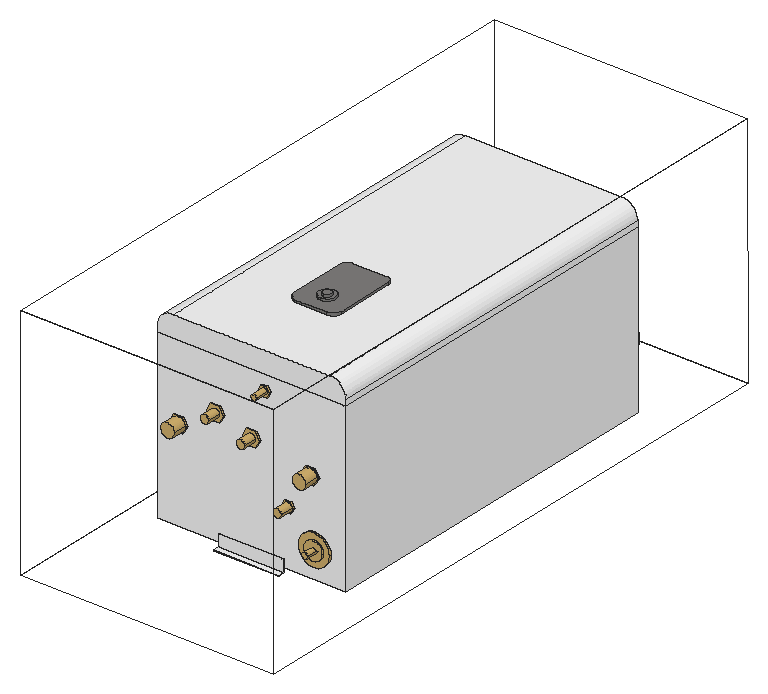
Revit family "Water_Boiler-Navien-NFC-Condensing_Combi-NFC-H", category Mechanical Equipment, host Face, Revit 2019
Family settings
  Host = Face
  Round Connector Dimension = Use Diameter
  Part Type = Normal
  OmniClass Number = 23.65.35.11
  OmniClass Title = Supply Water Heaters
  Cut with Voids When Loaded = No
  Shared = No
  Room Calculation Point = No
Parameters (values of type "NFC-250/175H")
  Width = 17 77/256"  # constant formula
  Wi-Fi Ready = "NaviLink Wi?Fi Control: This add-on accessory enables access to control temperatures remotely, access usage data and receive diagnostic notifications via smartphone or tablet."  # constant formula
  Weight = 141.00 lbf  # constant formula
  Water Pressure = "12–80 psi"  # constant formula
  Warranty Note = "Heat Exchangers: 10 years limited warranty (Residential), 5 years (Commercial) | Parts: 5 years (Residential), 3 years (Commercial)"  # constant formula
  Warranty = "https://www.navieninc.com/warranties"
  Voltage = 120 V
  Version = "2019 - v1.0.a"  # constant formula
  Venting Type = "Forced draft direct vent"  # constant formula
  Venting = "Exhaust: 2 in or 3 in PVC, CPVC, Approved Polypropylene, Stainless Steel, 2 in or 3 in Special Gas Vent Type BH (Class III, A/B/C) | Intake: 2 in or 3 in PVC, CPVC, Polypropylene, Stainless Steel, ABS 2 in or 3 in Special Gas Vent Type BH (Class III, A/B/C) | Vent Clearance: 0 in to combustibles"  # constant formula
  URL = "https://www.navieninc.com"
  Propane Gas Supply Pressure = "8.0\" to 13.5\" WC"  # constant formula
  Propane Gas Manifold Pressure = "-0.02\" to -0.77\" WC"  # constant formula
  Product Page URL = "https://www.navieninc.com/products/nfc-250-175h"
  Product Name = "NFC-H Series Combination Boilers"  # constant formula
  Product Documentation Link = "https://www.navieninc.com/downloads/nfc-h-quickfacts-en"
  Power Factor = 1
  Phase = 1
  Number of Poles = 1
  Natural Gas Supply Pressure = "3.5\" to 10.5\" WC"  # constant formula
  Natural Gas Manifold Pressure = "-0.03\" to -0.92\" WC"  # constant formula
  Model = "NFC-250/175H"
  Material = ""
  Manufacturer Phone Number = "(949) 420-0420"  # constant formula
  Manufacturer Fax Number = "(949) 420-0430"  # constant formula
  Manufacturer Address = "20 Goodyear, Irvine, CA 92618"  # constant formula
  Manufacturer = "Navien, Inc."  # constant formula
  Keynote = "22 33 00.A1"
  Intake = if([2" Exhaust/Intake], 2", 3")  # 2"
  Installation Type = "Indoor Wall-Hung"  # constant formula
  Ignition = "Electronic ignition"  # constant formula
  Hot Water Outlet = 3/4"  # constant formula
  Height = 33 1/2"  # constant formula
  Heating Supply = 1 1/4"  # constant formula
  Heating Return = 1 1/4"  # constant formula
  Heating Capacity Note = "13,300 to 175,000 BTUh"
  Heating Capacity = 175000.0 Btu/h
  Gas Inlet = 3/4"  # constant formula
  Gas Connection Size = 3/4"  # constant formula
  Frequency = 60 Hz
  Flow Rate = 0 GPM
  Finish = Metal - Navien - White
  Exhaust = if([2" Exhaust/Intake], 2", 3")  # 2"
  Description = "NFC-H Condensing Gas Hot Water Combination Boiler"  # constant formula
  Depth = 17 77/256"  # constant formula
  Default Elevation = 48"
  Condensate Outlet = 1/2"  # constant formula
  Cold Water Inlet = 3/4"  # constant formula
  Certifications = "Energy Star | AHRI | CSA | ASME | CSA Blue Star | CSA Blue Flame"  # constant formula
  Auto Feeder Inlet = 1/2"  # constant formula
  3" Exhaust/Intake = not([2" Exhaust/Intake])  # no
  2" Exhaust/Intake = yes
  Copyright = "All contents copyright © Navien Inc."  # constant formula
  Clearance [instance] = yes
  Assembly Code = "D3010500"
  Apparent Load = 0 VA
Types (2): name | Product Page URL | Model | Heating Capacity Note | Heating Capacity
  NFC-250/175H | "https://www.navieninc.com/products/nfc-250-175h" | "NFC-250/175H" | "13,300 to 175,000 BTUh" | 175000.0 Btu/h
  NFC-250/200H | "https://www.navieninc.com/products/nfc-250-200h" | "NFC-250/200H" | "13,300 to 199,900 BTUh" | 199900.0 Btu/h
Reference planes (in)
  plane 1 "Center (Elevation)": y = 0
  plane 2: z = 0
  plane 3 "Reference": x = 0
  plane 4 "Top": y = 22.02539
  plane 5 "Left": x = -10.28125
  plane 6 "Bottom": y = -11.47461
  plane 7 "Right": x = 7.01953
  plane 8: z = 17.70078
  plane 9: y = 24.69539
  plane 10: z = 0.4
  plane 11 "Center (Left/Right)": x = -1.63086
  plane 12 "Condensate Outlet 1": z = 3.0018
  plane 13: y = 5.27539
  plane 14: z = -0.1
  plane 15: z = 5.6
  plane 16: z = 8.9
  plane 17: z = 10.1
  plane 18: z = 11
  plane 19: z = 3
  plane 20: x = 4.31875
  plane 21: x = 3.81875
  plane 22: x = -1.58125
  plane 23: x = -4.88125
  plane 24: x = -8.28125
Forms (in)
  Extrusion 1, solid, material "Metal - Navien - White" <- "Finish", detail levels medium+fine
    sketch origin (0, 0, 0) x (0, 1, 0) y (0, 0, 1)
      loop
        line (-11.4781, 1.12877) -> (-11.52126, 1.12877) -> (-11.52126, 0.04724) -> (-12.09194, 0.04724) -> (-12.09194, 0) -> (-11.4781, 0) -> (-11.4781, 1.12877)
    from -4.58124 to 1.3703
  Extrusion 2, solid, material "Metal - Navien - White" <- "Finish", detail levels medium+fine
    sketch origin (0, 0, 0) x (1, 0, 0) y (0, 0, 1)
      loop
        line (-10.28125, 15.75) -> (7.01953, 15.75) -> (7.01953, 16.2125)
        arc (7.01953, 16.2125) -> (6.58362, 17.26487) -> (5.53125, 17.70078) r 1.48828
        line (5.53125, 17.70078) -> (-8.78125, 17.70078)
        arc (-8.78125, 17.70078) -> (-9.84191, 17.26144) -> (-10.28125, 16.20078) r 1.5
        line (-10.28125, 16.20078) -> (-10.28125, 15.75)
    from -22.02539 to 11.47461
  Extrusion 3, solid, material "Metal - Navien - Brass, Soft Yellow"
    sketch origin (-3.25, 0, 0) x (-1, 0, 0) y (0, 0, -1)
      loop
        circle (4.99187, -12.56948) r 0.375
    from -23.32281 to -22.02539
  Extrusion 4, solid, material "Metal - Navien - Black", detail levels medium+fine
    sketch origin (0, 23.25489, 5.90687) x (0, 1, 0) y (-1, 0, 0)
      loop
        arc (-21.15746, 3.16493) -> (-21.34721, 3.62302) -> (-21.80529, 3.81276) r 0.64783
        line (-21.80529, 3.81276) -> (-27.01433, 3.81276)
        arc (-27.01433, 3.81276) -> (-27.64587, 3.55117) -> (-27.90746, 2.91963) r 0.89314
        line (-27.90746, 2.91963) -> (-27.90746, 0.1692)
        arc (-27.90746, 0.1692) -> (-27.68779, -0.36113) -> (-27.15746, -0.5808) r 0.75
        line (-27.15746, -0.5808) -> (-21.78679, -0.5808)
        arc (-21.78679, -0.5808) -> (-21.34179, -0.39648) -> (-21.15746, 0.04853) r 0.62933
        line (-21.15746, 0.04853) -> (-21.15746, 3.16493)
    from 11.79391 to 12
  Extrusion 5, solid, material "Metal - Navien - Black", detail levels medium+fine
    sketch origin (0, 23.25489, 4.3925) x (0, 1, 0) y (-1, 0, 0)
      loop
        circle (-26.04399, 1.63086) r 0.38018
    from 13.51437 to 13.80828
  Extrusion 6, solid, material "Metal - Navien - Black", detail levels medium+fine
    sketch origin (0, 23.25489, 4.3925) x (0, 1, 0) y (-1, 0, 0)
      loop
        circle (-26.03131, 1.63086) r 0.75
    from 13.30828 to 13.64814
  Extrusion 7, solid, material "Metal - Navien - White" <- "Finish", detail levels medium+fine
    sketch origin (-3.37047, -180, 9.44422) x (0, 0, 1) y (0, -1, 0)
      loop
        line (6.30578, -168.59281) -> (6.25519, -168.59281) -> (6.25519, -168.52539) -> (-9.04422, -168.52539) -> (-9.04422, -202.02539) -> (6.25519, -202.02539) -> (6.25519, -201.9886) -> (6.30578, -201.9886) -> (6.30578, -168.59281)
    from -6.91078 to 10.39
  Extrusion 8, solid, material "Metal - Navien - Brass, Soft Yellow"
    sketch origin (0, 0, 0) x (1, 0, 0) y (0, 0, 1)
      loop
        line (2.33398, 5.6) -> (2.06329, 6.06885) -> (1.52192, 6.06885) -> (1.25123, 5.6) -> (1.52192, 5.13115) -> (2.06329, 5.13115) -> (2.33398, 5.6)
      loop
        line (-4.0949, 11) -> (-4.48807, 11.681) -> (-5.27443, 11.681) -> (-5.6676, 11) -> (-5.27443, 10.319) -> (-4.48807, 10.319) -> (-4.0949, 11)
      loop
        line (-7.4949, 8.9) -> (-7.88807, 9.581) -> (-8.67443, 9.581) -> (-9.0676, 8.9) -> (-8.67443, 8.219) -> (-7.88807, 8.219) -> (-7.4949, 8.9)
      loop
        line (-0.7949, 10.1) -> (-1.18807, 10.781) -> (-1.97443, 10.781) -> (-2.3676, 10.1) -> (-1.97443, 9.419) -> (-1.18807, 9.419) -> (-0.7949, 10.1)
      loop
        line (4.6051, 8.9) -> (4.21193, 9.581) -> (3.42557, 9.581) -> (3.0324, 8.9) -> (3.42557, 8.219) -> (4.21193, 8.219) -> (4.6051, 8.9)
      loop
        line (0.17051, 14.37903) -> (-0.10018, 14.84788) -> (-0.64156, 14.84788) -> (-0.91225, 14.37903) -> (-0.64156, 13.91018) -> (-0.10018, 13.91018) -> (0.17051, 14.37903)
    from 11.47461 to 11.59257
  Extrusion 9, solid, material "Metal - Navien - Brass, Soft Yellow"
    sketch origin (0, 0, 0) x (1, 0, 0) y (0, 0, 1)
      loop
        circle (-8.28125, 8.9) r 0.625
      loop
        circle (-1.58125, 10.1) r 0.375
      loop
        circle (1.79376, 5.6) r 0.375
      loop
        circle (4.31875, 3) r 0.25
      loop
        circle (-4.88125, 11) r 0.375
      loop
        circle (3.81875, 8.9) r 0.625
      loop
        circle (-0.37087, 14.37903) r 0.25
    from 11.47461 to 12.78461
  Extrusion 10, solid, material "Metal - Navien - Brass, Soft Yellow", detail levels medium+fine
    sketch origin (0.1875, 0, -0.0625) x (1, 0, 0) y (0, 0, 1)
      loop
        circle (4.13125, 3.0625) r 1.42959
    from 11.59257 to 11.73334
  Extrusion 11, solid, material "Metal - Navien - Brass, Soft Yellow", detail levels medium+fine
    sketch origin (0.1875, 0, -0.0625) x (1, 0, 0) y (0, 0, 1)
      loop
        circle (4.13125, 3.0625) r 0.83408
    from 11.73334 to 11.841
  Extrusion 12, solid, material "Metal - Navien - Brass, Soft Yellow", detail levels medium+fine
    sketch origin (0, 0, 0) x (1, 0, 0) y (0, 0, 1)
      loop
        arc (-8.70931, 11.36209) -> (-8.24187, 11.46877) -> (-7.77443, 11.36209) r 1.07739
        arc (-7.77443, 11.36209) -> (-6.94715, 12.56948) -> (-7.77443, 13.77688) r 1.29472
        arc (-7.77443, 13.77688) -> (-8.24187, 13.67019) -> (-8.70931, 13.77688) r 1.07739
        arc (-8.70931, 13.77688) -> (-9.53659, 12.56948) -> (-8.70931, 11.36209) r 1.29472
    from -22.02539 to -22.33036
  Extrusion 13, solid, material "Metal - Navien - White" <- "Finish", detail levels coarse
    sketch origin (0, 19.32383, 4.3925) x (0, 1, 0) y (-1, 0, 0)
      loop
        line (2.70156, 10.28125) -> (-30.79844, 10.28125) -> (-30.79844, -7.01953) -> (2.70156, -7.01953) -> (2.70156, 10.28125)
    from -3.9925 to 13.30828
  Extrusion 14, solid, material "Clearances - Navien", visible <- "Clearance"
    sketch origin (0, 19.32383, 4.3925) x (0, 1, 0) y (-1, 0, 0)
      loop
        line (11.70156, 13.28125) -> (-42.79844, 13.28125) -> (-42.79844, -10.01953) -> (11.70156, -10.01953) -> (11.70156, 13.28125)
    from -4.4925 to 17.30828
Cuts and joins
  joined: Extrusion 4, Extrusion 5, Extrusion 6
  joined: Extrusion 8, Extrusion 9
Lines and regions (in)
  Split face 1
    outline origin (0, 23.25489, 17.90687) x (0, 1, 0) y (-1, 0, 0)
      loop
        line (-22.00951, 2.94276) -> (-23.25951, 2.94276) -> (-23.25951, 0.19276) -> (-22.00951, 0.19276) -> (-22.00951, 2.94276)
  Split face 2
    outline origin (-3.16493, 6.02848, 17.90687) x (-1, 0, 0) y (0, -1, 0)
      loop
        line (-0.35049, 6.75) -> (-0.35049, 7.10256) -> (-2.71765, 7.10256) -> (-2.71765, 6.75) -> (-0.35049, 6.75)
  Split face 3
    outline origin (-3.16493, 6.02848, 17.90687) x (-1, 0, 0) y (0, -1, 0)
      loop
        line (-2.90907, 6.0331) -> (-2.90907, 4.7831) -> (-0.15907, 4.7831) -> (-0.15907, 6.0331) -> (-2.90907, 6.0331)
  model lines, style "Clearance", visible <- "Clearance"
    curve 1: line (-13.28125, 31.02539, -0.1) -> (-13.28125, -23.47461, -0.1)
    curve 2: line (-13.28125, -23.47461, -0.1) -> (10.01953, -23.47461, -0.1)
    curve 3: line (10.01953, -23.47461, -0.1) -> (10.01953, 31.02539, -0.1)
    curve 4: line (10.01953, 31.02539, -0.1) -> (-13.28125, 31.02539, -0.1)
    curve 5: line (10.01953, 31.02539, 21.70078) -> (10.01953, -23.47461, 21.70078)
    curve 6: line (10.01953, -23.47461, 21.70078) -> (-13.28125, -23.47461, 21.70078)
    curve 7: line (-13.28125, -23.47461, 21.70078) -> (-13.28125, 31.02539, 21.70078)
    curve 8: line (-13.28125, 31.02539, 21.70078) -> (10.01953, 31.02539, 21.70078)
    curve 9: line (10.01953, 31.02539, 21.70078) -> (10.01953, 31.02539, -0.1)
    curve 10: line (-13.28125, 31.02539, 21.70078) -> (-13.28125, 31.02539, -0.1)
    curve 11: line (10.01953, -23.47461, 21.70078) -> (10.01953, -23.47461, -0.1)
    curve 12: line (-13.28125, -23.47461, 21.70078) -> (-13.28125, -23.47461, -0.1)
  model lines, style "MechanicalEquipment", detail levels medium+fine
    curve 13: arc (-0.63086, -2.7891, 17.90687) -> (-1.63086, -1.7891, 17.90687) -> (-2.63086, -2.7891, 17.90687) r 1
    curve 14: arc (-2.63086, -2.7891, 17.90687) -> (-1.63086, -3.7891, 17.90687) -> (-0.63086, -2.7891, 17.90687) r 1
Dimensions and locks (in)
  plane 5 "Left" to plane 3 "Reference" to plane 7 "Right" = 10 9/32", 7 5/256"
  "Width": plane 5 "Left" to plane 7 "Right"
  "Height": plane 4 "Top" to plane 6 "Bottom"
  "Depth": plane 8 to plane 10
  plane 8 to level = 17.70078"
  locked: plane 9 to plane 4 "Top" at 2.67
  locked: plane 10 to plane 2 at 0.4
  equal spacing: plane 7 "Right", plane 11 "Center (Left/Right)", plane 5 "Left"
  locked: Extrusion 1 to level at 1.12877  (x2)
  locked: Extrusion 1 to level at 0.04724  (x2)
  locked: Extrusion 1 sketch curve to level at 0.04724  (x10)
  locked: Extrusion 1 sketch curve to level at 1.12877  (x10)
  locked: Extrusion 2 to level at 17.70078  (x2)
  locked: Extrusion 2 to level at 15.75  (x2)
  locked: Extrusion 2 sketch curve to level at 15.75  (x10)
  locked: Extrusion 2 sketch curve to level at 16.2125  (x4)
  locked: Extrusion 2 sketch curve to level at 17.70078  (x10)
  locked: Extrusion 2 sketch curve to level at 16.20078  (x4)
  locked: Extrusion 4 sketch curve to level at 5.90687  (x48)
  locked: Extrusion 5 sketch curve to level at 4.3925  (x4)
  locked: Extrusion 6 sketch curve to level at 4.3925  (x4)
  locked: Extrusion 7 to level at 15.75  (x2)
  locked: Extrusion 7 to level at 15.69941  (x4)
  locked: Extrusion 7 to level at 0.4  (x2)
  locked: Extrusion 7 sketch curve to level at 15.75  (x10)
  locked: Extrusion 7 sketch curve to level at 15.69941  (x20)
  locked: Extrusion 7 sketch curve to level at 0.4  (x10)
  plane 6 "Bottom" to Extrusion 1 sketch curve to Extrusion 1 sketch curve to Extrusion 1 sketch curve = 0.00349" locked, 0.04316" locked, 0.57068" locked
  locked: plane 8 to Extrusion 2 sketch curve at 1.95078
  locked: plane 6 "Bottom" to cut or joined group of Extrusion 8, Extrusion 9 at 1.31
  plane 6 "Bottom" to cut or joined group of Extrusion 8, Extrusion 9 to Extrusion 10 to Extrusion 11 = 0.11796" locked, 0.14077" locked, 0.10765" locked
  locked: Extrusion 7 sketch curve to plane 6 "Bottom" at 0.06742
  equal spacing: plane 4 "Top", plane 13, plane 6 "Bottom"
  Extrusion 4 sketch curve to Extrusion 4 sketch curve to Extrusion 4 sketch curve to plane 11 "Center (Left/Right)" to Extrusion 4 sketch curve to Extrusion 4 sketch curve to Extrusion 4 sketch curve = 0.64783" locked, 0.24531" locked, 1.28877" locked, 1.46166" locked, 0.12067" locked, 0.62933" locked
  plane 6 "Bottom" to Extrusion 4 sketch curve to Extrusion 4 sketch curve to Extrusion 4 sketch curve to Extrusion 4 sketch curve to Extrusion 4 sketch curve to Extrusion 4 sketch curve = 6.82204", 3/4" locked, 0.14314" locked, 5.20904" locked, 0.0185" locked, 0.62933" locked
  locked: plane 10 to nested 2 at 4.3
  locked: nested 2 to plane 5 "Left" at 3.8
  locked: Extrusion 13 to plane 14 at 0.5
  locked: Extrusion 14 sketch curve to plane 5 "Left" at 3
  locked: plane 7 "Right" to Extrusion 14 sketch curve at 3
  locked: Extrusion 14 sketch curve to plane 4 "Top" at 9
  locked: Extrusion 14 sketch curve to plane 6 "Bottom" at 12
  locked: plane 11 "Center (Left/Right)" to Extrusion 3 sketch curve at 6.61101
  locked: Extrusion 3 sketch curve to level at 12.56948
  plane 11 "Center (Left/Right)" to Extrusion 12 sketch curve to Extrusion 12 sketch curve to Extrusion 12 sketch curve to Extrusion 12 sketch curve = 6.14357" locked, 0" locked, 0.93488" locked, 0" locked
  Extrusion 12 sketch curve to Extrusion 12 sketch curve to Extrusion 12 sketch curve to Extrusion 12 sketch curve to level = 0" locked, 2.41479" locked, 0" locked, 11.36209" locked
  Extrusion 13 sketch curve to plane 11 "Center (Left/Right)" to Extrusion 13 sketch curve = 8.65039" locked, 8.65039" locked
  Extrusion 13 sketch curve to plane 13 to Extrusion 13 sketch curve = 16 3/4" locked, 16 3/4" locked
  locked: plane 6 "Bottom" to Extrusion 5 sketch curve at 8.68551
  Split face 2 sketch curve to plane 11 "Center (Left/Right)" to Split face 2 sketch curve = 1 47/256" locked, 1 47/256" locked
  plane 6 "Bottom" to Split face 2 sketch curve to Split face 2 sketch curve = 10.40053", 0.35256" locked
  plane 6 "Bottom" to Split face 3 sketch curve to Split face 3 sketch curve = 11.46999", 1 1/4" locked
  Split face 3 sketch curve to plane 11 "Center (Left/Right)" to Split face 3 sketch curve = 1 3/8" locked, 1 3/8" locked
  plane 6 "Bottom" to Extrusion 6 sketch curve = 8.69819"
  Extrusion 3 to Extrusion 12 to Extrusion 12 to plane 4 "Top" = 0.99244" locked, 0.30497" locked, 0" locked
  locked: plane 18 to plane 10 at 10.6
  locked: plane 17 to plane 10 at 9.7
  locked: plane 16 to plane 10 at 8.5
  locked: plane 15 to plane 10 at 5.2
  locked: plane 19 to plane 10 at 2.6
  plane 20 to plane 5 "Left" = 14.6"
  locked: plane 24 to plane 5 "Left" at 2
  locked: plane 23 to plane 24 at 3.4
  locked: plane 22 to plane 23 at 3.3
  locked: plane 21 to plane 22 at 5.4
  Extrusion 8 sketch curve to Extrusion 8 sketch curve to Extrusion 8 sketch curve to Extrusion 8 sketch curve to Extrusion 8 sketch curve to Extrusion 8 sketch curve to level = 3.59118" locked, 0.9" locked, 1.2" locked, 0" locked, 3.08785" locked, 5.13115" locked
  Extrusion 8 sketch curve to Extrusion 8 sketch curve to Extrusion 8 sketch curve to Extrusion 8 sketch curve to Extrusion 8 sketch curve to Extrusion 8 sketch curve to Extrusion 8 sketch curve to plane 11 "Center (Left/Right)" to Extrusion 8 sketch curve to Extrusion 8 sketch curve to Extrusion 8 sketch curve to Extrusion 8 sketch curve to Extrusion 8 sketch curve = 1.5727", 0.69842", 1.08276", 1.08072", 0.96541" locked, 0.11735" locked, 0.71861" locked, 0.73674" locked, 1.7273" locked, 1.5727" locked, 1.8273" locked, 1.5727" locked
  Extrusion 9 sketch curve to Extrusion 9 sketch curve to Extrusion 9 sketch curve to Extrusion 9 sketch curve to Extrusion 9 sketch curve to plane 11 "Center (Left/Right)" to Extrusion 9 sketch curve to Extrusion 9 sketch curve = 1/8" locked, 2.27499", 2.28963", 1.08538" locked, 0.42461" locked, 2.87539" locked, 3.15" locked
  Extrusion 9 sketch curve to Extrusion 9 sketch curve to Extrusion 9 sketch curve to Extrusion 9 sketch curve to Extrusion 9 sketch curve to Extrusion 9 sketch curve to Extrusion 9 sketch curve to level = 3.50403" locked, 0.9" locked, 1.45" locked, 0" locked, 3.05" locked, 2.475" locked, 2 3/4" locked
  locked: Extrusion 10 sketch curve to plane 11 "Center (Left/Right)" at 4.52002
  locked: Extrusion 10 sketch curve to level at 1.57041
  locked: Extrusion 11 sketch curve to level at 2.16592
  locked: plane 10 to nested 1 at 4.1
  Extrusion 13 to nested 1 = 3 205/256"
  Extrusion 13 to nested 2 = 3.8"
  nested 1 to nested 2 = 9.7"
  aligned and locked: plane 2 to host face
  aligned and locked: level to host face
  aligned and locked: plane 4 "Top" to Extrusion 2
  aligned and locked: plane 6 "Bottom" to Extrusion 2
  aligned and locked: Extrusion 3 to plane 4 "Top"
  aligned and locked: Extrusion 4 to plane 8
  aligned and locked: Extrusion 6 to plane 8
  aligned and locked: Extrusion 7 to plane 5 "Left"
  aligned and locked: Extrusion 7 to plane 7 "Right"
  aligned and locked: Extrusion 8 to plane 6 "Bottom"
  aligned and locked: Extrusion 9 to plane 6 "Bottom"
  aligned and locked: Extrusion 2 sketch curve to plane 5 "Left"
  aligned and locked: Extrusion 2 sketch curve to plane 7 "Right"
  aligned and locked: plane 8 to Extrusion 2 sketch curve
  aligned and locked: Extrusion 7 sketch curve to plane 4 "Top"
  aligned and locked: plane 6 "Bottom" to Extrusion 7 sketch curve
  aligned and locked: Extrusion 14 to plane 14
  aligned and locked: plane 11 "Center (Left/Right)" to Extrusion 5 sketch curve
  aligned and locked: plane 11 "Center (Left/Right)" to Extrusion 6 sketch curve
Automatic sketch dimensions
  host sketch curve to host sketch curve = 47 9/32"
  host sketch curve to host sketch curve = 59.02539"
  level to Extrusion 1 sketch curve = 0"
  plane 7 "Right" to Extrusion 2 sketch curve = 1 125/256"
  Extrusion 2 sketch curve to Extrusion 2 sketch curve = 0.45078"
  Split face 1 sketch curve to Extrusion 4 = 0.87"
  Split face 1 sketch curve to Extrusion 4 = 2.10205"
  Split face 1 sketch curve to Extrusion 4 = 0.85205"
  Split face 1 sketch curve to Extrusion 4 = 0.77356"
  Extrusion 7 sketch curve to plane 4 "Top" = 0.03679"
  Extrusion 12 sketch curve to Extrusion 12 sketch curve = 0"  (x2)
  Extrusion 12 sketch curve to Extrusion 12 sketch curve = 2.1781"
  Extrusion 12 sketch curve to Extrusion 12 sketch curve = 0.97071"
  curve 5 to plane 7 "Right" = 3"
  plane 9 to curve 8 = 6.33"
  curve 7 to plane 5 "Left" = 3"
  plane 6 "Bottom" to curve 7 = 12"
  curve 11 to plane 14 = 0"
  curve 12 to plane 14 = 0"
  curve 11 to plane 7 "Right" = 3"
  curve 12 to plane 5 "Left" = 3"
  curve 2 to plane 7 "Right" = 3"
  plane 6 "Bottom" to curve 2 = 12"
  curve 2 to plane 5 "Left" = 3"
  plane 9 to curve 1 = 6.33"
  curve 13 to curve 14 = 0"  (x2)
  curve 14 to Extrusion 4 = 1.86347"
  curve 14 to Extrusion 4 = 2.1819"
  curve 14 to curve 13 = 1"
  plane 8 to curve 11 = 4"
  plane 8 to curve 12 = 4"
  plane 7 "Right" to Extrusion 11 sketch curve = 2.70078"
  Extrusion 12 sketch curve to Extrusion 12 sketch curve = 0.46744"
  Extrusion 10 sketch curve to plane 12 "Condensate Outlet 1" = 0.0018"
  Extrusion 11 sketch curve to plane 12 "Condensate Outlet 1" = 0.0018"
  Extrusion 8 sketch curve to plane 16 = 0"  (x4)
  Extrusion 8 sketch curve to plane 18 = 0"  (x2)
  Extrusion 8 sketch curve to plane 17 = 0"  (x2)
  Extrusion 8 sketch curve to plane 15 = 0"  (x2)
  Extrusion 8 sketch curve to plane 24 = 0.39318"  (x2)
  plane 24 to Extrusion 8 sketch curve = 0.39318"  (x2)
  Extrusion 8 sketch curve to plane 23 = 0.39318"  (x2)
  plane 23 to Extrusion 8 sketch curve = 0.39318"  (x2)
  Extrusion 8 sketch curve to plane 11 "Center (Left/Right)" = 0.34357"  (x2)
  plane 22 to Extrusion 8 sketch curve = 0.39318"  (x2)
  Extrusion 8 sketch curve to Extrusion 8 sketch curve = 0.27069"  (x5)
  Extrusion 8 sketch curve to plane 3 "Reference" = 0.10018"  (x2)
  Extrusion 8 sketch curve to plane 21 = 0.39318"  (x2)
  Extrusion 8 sketch curve to plane 20 = 0.10682"  (x2)
  Extrusion 8 sketch curve to Extrusion 8 sketch curve = 0.54138"
  plane 15 to Extrusion 8 sketch curve = 0.46885"
  Extrusion 8 sketch curve to plane 17 = 0.519"  (x2)
  Extrusion 8 sketch curve to plane 18 = 0.219"
  plane 18 to Extrusion 8 sketch curve = 0.681"
  Extrusion 8 sketch curve to Extrusion 8 sketch curve = 0.46885"  (x3)
  Extrusion 9 sketch curve to plane 24 = 0"
  Extrusion 9 sketch curve to plane 23 = 0"
  Extrusion 9 sketch curve to plane 22 = 0"
  Extrusion 9 sketch curve to plane 21 = 0"
  Extrusion 9 sketch curve to plane 20 = 0"
  Extrusion 9 sketch curve to plane 15 = 0"
  curve 10 to Extrusion 14 = 0"  (x2)
  Extrusion 14 to curve 10 = 0"
  curve 9 to Extrusion 14 = 0"  (x3)
  radius of Extrusion 3 sketch curve = 3/8"
  radius of Extrusion 5 sketch curve = 0.38018"
  radius of Extrusion 6 sketch curve = 3/4"
  radius of Extrusion 9 sketch curve = 1/4"
Nested families (in)
  nested 1: "Intake_Exhaust" at (3.21875, 22.02539, 4.5) x (1, 0, 0) z (0, 1, 0), type "Intake_Exhaust"
    with Small Vent no, Large Vent yes
  nested 2: "Intake_Exhaust" at (-6.48125, 22.02539, 4.7) x (0, 0, -1) z (0, 1, 0), type "Intake_Exhaust"
    with Small Vent yes, Large Vent no
Connectors (in)
  piping at (1.79376, -12.78461, 5.6), diameter 0.75, driven by "Gas Inlet"
    settings: on cut or joined group of Extrusion 8, Extrusion 9, index 2, connector inside diameter 24", connector length 0", flow factor 0, pipe flow 0 GPM, pressure drop 0.00 psi, fitting loss kfactor 0, connector angle 0.00°, fixture units 0, engagement length 0", angle of deflection 0.00°, flow configuration 0, flow direction 1, fitting loss method 0, system type 22, joint type 0, gender type 0, connector reference index -1, connector utility 0, adjustable connector no, is connector primary yes, connector description "Natural Gas Connection"
  piping at (4.31875, -12.78461, 3), diameter 0.5
    settings: on cut or joined group of Extrusion 8, Extrusion 9, index 7, connector inside diameter 24", connector length 0", flow factor 0, pipe flow 0 GPM, pressure drop 0.00 psi, fitting loss kfactor 0, connector angle 0.00°, fixture units 0, engagement length 0", angle of deflection 0.00°, flow configuration 0, flow direction 2, fitting loss method 0, system type 16, joint type 0, gender type 0, connector reference index -1, connector utility 0, adjustable connector no, is connector primary no, connector description "Condensate Outlet Connection"
  hvac at (3.21875, 24.13982, 4.5), driven by "Exhaust"
    settings: on nested 1, index 8, duct flow 0 CFM, flow factor 0, pres drop 0.00 in-wg, loss coef 0, conn angle 0.00°, conn width 12", conn height 12", conn diameter 2", duct sys type 3, conn prof type 0, flow config 0, flow direction 2, loss method 0, conn ref index -1, conn util no, is conn primary yes, conn desc "Exhaust Gas Vent Connection"
  hvac at (-6.48125, 24.13982, 4.7), driven by "Exhaust"
    settings: on nested 2, index 9, duct flow 0 CFM, flow factor 0, pres drop 0.00 in-wg, loss coef 0, conn angle 0.00°, conn width 12", conn height 12", conn diameter 2", duct sys type 4, conn prof type 0, flow config 0, flow direction 1, loss method 0, conn ref index -1, conn util no, is conn primary no, conn desc "Air Intake Connection"
  piping at (-8.24187, 23.32281, 12.56948), diameter 0.75
    settings: on Extrusion 3, index 10, connector inside diameter 24", connector length 0", flow factor 0, pipe flow 0 GPM, pressure drop 0.00 psi, fitting loss kfactor 0, connector angle 0.00°, fixture units 0, engagement length 0", angle of deflection 0.00°, flow configuration 0, flow direction 2, fitting loss method 0, system type 22, joint type 0, gender type 0, connector reference index -1, connector utility 0, adjustable connector no, is connector primary no, connector description "Pressure Relief Valve Connection"
  electrical at (-1.63086, 5.27539, 0.4), driven by "Power Factor", driven by "Apparent Load", driven by "Voltage", driven by "Number of Poles"
    settings: on Extrusion 7, index 11, voltage 120 V, apparent load 0 VA, apparent load phase1 0 VA, apparent load phase2 0 VA, apparent load phase3 0 VA, power factor 1, load classification "Other", number of poles 1, system type 31, power factor state 1, is connector primary yes, connector utility no, sub classification motor no, connector description "Electrical Connector"
  piping at (-8.28125, -12.78461, 8.9), diameter 1.25, driven by "Heating Supply"
    settings: on cut or joined group of Extrusion 8, Extrusion 9, index 12, connector inside diameter 24", connector length 0", flow factor 0, pipe flow 0 GPM, pressure drop 0.00 psi, fitting loss kfactor 0, connector angle 0.00°, fixture units 0, engagement length 0", angle of deflection 0.00°, flow configuration 0, flow direction 2, fitting loss method 0, system type 7, joint type 0, gender type 0, connector reference index -1, connector utility 0, adjustable connector no, is connector primary no, connector description "Heating Supply Connection"
  piping at (-4.88125, -12.78461, 11), diameter 0.75, driven by "Hot Water Outlet"
    settings: on cut or joined group of Extrusion 8, Extrusion 9, index 13, connector inside diameter 24", connector length 0", flow factor 0, pipe flow 0 GPM, pressure drop 0.00 psi, fitting loss kfactor 0, connector angle 0.00°, fixture units 0, engagement length 0", angle of deflection 0.00°, flow configuration 0, flow direction 2, fitting loss method 0, system type 19, joint type 0, gender type 0, connector reference index -1, connector utility 0, adjustable connector no, is connector primary no, connector description "Hot Water Outlet Connection"
  piping at (-1.58125, -12.78461, 10.1), diameter 0.75, driven by "Cold Water Inlet"
    settings: on cut or joined group of Extrusion 8, Extrusion 9, index 14, connector inside diameter 24", connector length 0", flow factor 0, pipe flow 0 GPM, pressure drop 0.00 psi, fitting loss kfactor 0, connector angle 0.00°, fixture units 0, engagement length 0", angle of deflection 0.00°, flow configuration 0, flow direction 1, fitting loss method 0, system type 20, joint type 0, gender type 0, connector reference index -1, connector utility 0, adjustable connector no, is connector primary no, connector description "Cold Water Inlet Connection"
  piping at (-0.37087, -12.78461, 14.37903), diameter 0.5, driven by "Auto Feeder Inlet"
    settings: on cut or joined group of Extrusion 8, Extrusion 9, index 15, connector inside diameter 24", connector length 0", flow factor 0, pipe flow 0 GPM, pressure drop 0.00 psi, fitting loss kfactor 0, connector angle 0.00°, fixture units 0, engagement length 0", angle of deflection 0.00°, flow configuration 0, flow direction 1, fitting loss method 0, system type 7, joint type 0, gender type 0, connector reference index -1, connector utility 0, adjustable connector no, is connector primary no, connector description "Auto Feeder Inlet Connection"
  piping at (3.81875, -12.78461, 8.9), diameter 1.25, driven by "Heating Return"
    settings: on cut or joined group of Extrusion 8, Extrusion 9, index 16, connector inside diameter 24", connector length 0", flow factor 0, pipe flow 0 GPM, pressure drop 0.00 psi, fitting loss kfactor 0, connector angle 0.00°, fixture units 0, engagement length 0", angle of deflection 0.00°, flow configuration 0, flow direction 1, fitting loss method 0, system type 8, joint type 0, gender type 0, connector reference index -1, connector utility 0, adjustable connector no, is connector primary no, connector description "Heating Return Connection"
Definition of nested family "Intake_Exhaust"
  Parameters (values of type "Intake_Exhaust")
    Small Vent [instance] = yes
    Large Vent [instance] = yes
    Finish = none
    Default Elevation = 48"
  Reference planes (in)
    plane 1 "Center (Front/Back)": y = 0
    plane 2: z = 0
    plane 3 "Center (Left/Right)": x = 0
    plane 4: x = -1.46602
    plane 5: x = 1.46602
    plane 6: y = -1.45577
  Forms (in)
    Extrusion 1, solid
      sketch origin (0, 0, 0) x (1, 0, 0) y (0, 1, 0)
        loop
          line (-48, 48) -> (-48, -48) -> (48, -48) -> (48, 48) -> (-48, 48)
      from 0 to -12
    Extrusion 2, solid, material <- "Finish", visible <- "Small Vent", detail levels fine
      sketch origin (0, 0, 0) x (1, 0, 0) y (0, 1, 0)
        loop
          arc (0.9965, 1.70215) -> (0.51624, 1.90363) -> (0, 1.97239) r 1.97239
          arc (0, 1.97239) -> (-0.51624, 1.90363) -> (-0.9965, 1.70215) r 1.97239
          line (-0.9965, 1.70215) -> (-1.43788, 1.70215)
          arc (-1.43788, 1.70215) -> (-1.60414, 1.64015) -> (-1.6892, 1.48443) r 0.25391
          line (-1.6892, 1.48443) -> (-1.6892, 1.0183)
          arc (-1.6892, 1.0183) -> (-1.90027, 0.52847) -> (-1.97239, 0) r 1.97239
          arc (-1.97239, 0) -> (-1.90027, -0.52847) -> (-1.6892, -1.0183) r 1.97239
          line (-1.6892, -1.0183) -> (-1.6892, -1.48443)
          arc (-1.6892, -1.48443) -> (-1.60414, -1.64015) -> (-1.43788, -1.70215) r 0.25391
          line (-1.43788, -1.70215) -> (-0.9965, -1.70215)
          arc (-0.9965, -1.70215) -> (-0.51624, -1.90363) -> (0, -1.97239) r 1.97239
          arc (0, -1.97239) -> (0.51624, -1.90363) -> (0.9965, -1.70215) r 1.97239
          line (0.9965, -1.70215) -> (1.43788, -1.70215)
          arc (1.43788, -1.70215) -> (1.60414, -1.64015) -> (1.6892, -1.48443) r 0.25391
          line (1.6892, -1.48443) -> (1.6892, -1.0183)
          arc (1.6892, -1.0183) -> (1.90027, -0.52847) -> (1.97239, 0) r 1.97239
          arc (1.97239, 0) -> (1.90027, 0.52847) -> (1.6892, 1.0183) r 1.97239
          line (1.6892, 1.0183) -> (1.6892, 1.48443)
          arc (1.6892, 1.48443) -> (1.60414, 1.64015) -> (1.43788, 1.70215) r 0.25391
          line (1.43788, 1.70215) -> (0.9965, 1.70215)
      from 0 to 0.34785
    Extrusion 3, solid, material <- "Finish", visible <- "Small Vent", detail levels fine
      sketch origin (0, 0, 0) x (1, 0, 0) y (0, 0, 1)
        loop
          line (-1.4392, 1.43851) -> (-1.57327, 1.43851) -> (-1.97024, 0.34785) -> (-1.4392, 0.34785) -> (-1.4392, 1.43851)
      from -0.0824 to 0.06448
    Extrusion 4, solid, material <- "Finish", visible <- "Small Vent", detail levels fine
      sketch origin (0, 0, 0) x (-1, 0, 0) y (0, 0, -1)
        loop
          line (-1.4392, -1.43851) -> (-1.4392, -0.34785) -> (-1.97024, -0.34785) -> (-1.57327, -1.43851) -> (-1.4392, -1.43851)
      from -0.0824 to 0.06448
    Extrusion 5, solid, material <- "Finish", visible <- "Small Vent", detail levels fine
      sketch origin (-0.01835, 0.01025, 0) x (0, 1, 0) y (0, 0, 1)
        loop
          line (-1.4624, 1.43851) -> (-1.58098, 1.43851) -> (-1.97795, 0.34785) -> (-1.4624, 0.34785) -> (-1.4624, 1.43851)
      from -0.06791 to 0.09876
    Extrusion 6, solid, material <- "Finish", visible <- "Small Vent", detail levels fine
      sketch origin (0, 0, 0) x (1, 0, 0) y (0, 1, 0)
        loop
          circle (0, 0) r 1.34645
        loop
          circle (0, 0) r 1.25
      from 0.17664 to 2.11443
    Extrusion 7, solid, material <- "Finish", visible <- "Small Vent", detail levels fine
      sketch origin (0, 0, 0) x (1, 0, 0) y (0, 1, 0)
        loop
          circle (0, 0) r 1.5792
        loop
          circle (0, 0) r 1.34645
      from 0 to 1.4562
    Extrusion 8, solid, material <- "Finish", detail levels coarse+medium
      sketch origin (0, 0, 0) x (1, 0, 0) y (0, 1, 0)
        loop
          line (-1.6892, 1.70215) -> (-1.6892, -1.70215) -> (1.6892, -1.70215) -> (1.6892, 1.70215) -> (-1.6892, 1.70215)
      from 0 to 0.34785
    Extrusion 9, solid, material <- "Finish", detail levels medium
      sketch origin (0, 0, 0) x (1, 0, 0) y (0, 1, 0)
        loop
          circle (0, 0) r 1.97239
      from 0 to 0.34785
    Extrusion 10, solid, material <- "Finish", detail levels coarse+medium
      sketch origin (0, 0, 0) x (1, 0, 0) y (0, 1, 0)
        loop
          circle (0, 0) r 1.34645
      from 0.34785 to 2.11443
    Extrusion 11, solid, material <- "Finish", visible <- "Large Vent", detail levels fine
      sketch origin (0, 0, 0) x (1, 0, 0) y (0, 1, 0)
        loop
          arc (0.9965, 1.70215) -> (0.51624, 1.90363) -> (0, 1.97239) r 1.97239
          arc (0, 1.97239) -> (-0.51624, 1.90363) -> (-0.9965, 1.70215) r 1.97239
          line (-0.9965, 1.70215) -> (-1.43788, 1.70215)
          arc (-1.43788, 1.70215) -> (-1.60414, 1.64015) -> (-1.6892, 1.48443) r 0.25391
          line (-1.6892, 1.48443) -> (-1.6892, 1.0183)
          arc (-1.6892, 1.0183) -> (-1.90027, 0.52847) -> (-1.97239, 0) r 1.97239
          arc (-1.97239, 0) -> (-1.90027, -0.52847) -> (-1.6892, -1.0183) r 1.97239
          line (-1.6892, -1.0183) -> (-1.6892, -1.48443)
          arc (-1.6892, -1.48443) -> (-1.60414, -1.64015) -> (-1.43788, -1.70215) r 0.25391
          line (-1.43788, -1.70215) -> (-0.9965, -1.70215)
          arc (-0.9965, -1.70215) -> (-0.51624, -1.90363) -> (0, -1.97239) r 1.97239
          arc (0, -1.97239) -> (0.51624, -1.90363) -> (0.9965, -1.70215) r 1.97239
          line (0.9965, -1.70215) -> (1.43788, -1.70215)
          arc (1.43788, -1.70215) -> (1.60414, -1.64015) -> (1.6892, -1.48443) r 0.25391
          line (1.6892, -1.48443) -> (1.6892, -1.0183)
          arc (1.6892, -1.0183) -> (1.81137, -0.78055) -> (1.90027, -0.52847) r 1.97239
          line (1.90027, -0.52847) -> (2.65027, -0.52847)
          arc (2.65027, -0.52847) -> (2.82705, -0.45525) -> (2.90027, -0.27847) r 0.25
          line (2.90027, -0.27847) -> (2.90027, 0.27847)
          arc (2.90027, 0.27847) -> (2.82705, 0.45525) -> (2.65027, 0.52847) r 0.25
          line (2.65027, 0.52847) -> (1.90027, 0.52847)
          arc (1.90027, 0.52847) -> (1.81137, 0.78055) -> (1.6892, 1.0183) r 1.97239
          line (1.6892, 1.0183) -> (1.6892, 1.48443)
          arc (1.6892, 1.48443) -> (1.60414, 1.64015) -> (1.43788, 1.70215) r 0.25391
          line (1.43788, 1.70215) -> (0.9965, 1.70215)
      from 0 to 0.34785
    Extrusion 12, solid, material <- "Finish", visible <- "Large Vent", detail levels fine
      sketch origin (-0.01835, 0.01025, 0) x (0, 1, 0) y (0, 0, 1)
        loop
          line (1.47418, 0.34785) -> (2.00522, 0.34785) -> (1.71369, 2.18851) -> (1.47418, 2.18851) -> (1.47418, 0.34785)
        loop
          line (-1.49468, 0.34785) -> (-1.49468, 2.18851) -> (-1.73419, 2.18851) -> (-2.02572, 0.34785) -> (-1.49468, 0.34785)
      from -0.06791 to 0.09876
    Extrusion 13, solid, material <- "Finish", visible <- "Large Vent", detail levels fine
      sketch origin (0, 0, 0) x (1, 0, 0) y (0, 1, 0)
        loop
          circle (0, 0) r 1.34645
        loop
          circle (0, 0) r 1.25
      from 0 to 0.34785
    Extrusion 14, solid, material <- "Finish", visible <- "Large Vent", detail levels fine
      sketch origin (0, 0, 0) x (1, 0, 0) y (0, 1, 0)
        loop
          circle (0, 0) r 1.5792
        loop
          circle (0, 0) r 1.34645
      from 1.21702 to 2.18851
    Extrusion 15, solid, material <- "Finish", detail levels coarse+medium
      sketch origin (0, 0, 0) x (1, 0, 0) y (0, 1, 0)
        loop
          line (-1.6892, 1.70215) -> (-1.6892, -1.70215) -> (1.6892, -1.70215) -> (1.6892, 1.70215) -> (-1.6892, 1.70215)
      from 0 to 0.34785
    Extrusion 16, solid, material <- "Finish", detail levels medium
      sketch origin (0, 0, 0) x (1, 0, 0) y (0, 1, 0)
        loop
          arc (1.90027, 0.52847) -> (-1.97239, 0) -> (1.90027, -0.52847) r 1.97239
          line (1.90027, -0.52847) -> (2.90027, -0.52847) -> (2.90027, 0.52847) -> (1.90027, 0.52847)
      from 0 to 0.34785
    Extrusion 17, solid, material <- "Finish", visible <- "Large Vent"
      sketch origin (0, 0, 0) x (1, 0, 0) y (0, 1, 0)
        loop
          circle (0, 0) r 1.5
      from 0.34785 to 2.75
    Extrusion 18, solid, material <- "Finish", visible <- "Large Vent", detail levels medium+fine
      sketch origin (-12, 0, 0) x (1, 0, 0) y (0, 0, 1)
        loop
          arc (14.65027, 1.21563) -> (14.49606, 1.58792) -> (14.12377, 1.74213) r 0.5265
          line (14.12377, 1.74213) -> (12.90027, 1.74213) -> (12.90027, 0.34785) -> (14.65027, 0.34785) -> (14.65027, 1.21563)
      from -0.28531 to 0.25119
    Extrusion 19, solid, material <- "Finish", visible <- "Large Vent", detail levels medium+fine
      sketch origin (-12, 0, 0) x (0, 1, 0) y (0, 0, 1)
        loop
          line (-0.40347, 0.34785) -> (0.41474, 0.34785) -> (0.41474, 1.807) -> (-0.40347, 1.807) -> (-0.40347, 0.34785)
      from 13.28684 to 13.90027
    Extrusion 20, solid, visible <- "Large Vent"
      sketch origin (-12, 0, 0) x (0, 1, 0) y (0, 0, 1)
        loop
          line (-1.22022, 2.77614) -> (-1.22022, 2.83068) -> (-1.55623, 2.83068) -> (-1.55623, 2.18851) -> (-1.51188, 2.18851) -> (-1.51188, 2.77614) -> (-1.22022, 2.77614)
        loop
          line (1.22022, 2.77614) -> (1.51188, 2.77614) -> (1.51188, 2.18851) -> (1.55623, 2.18851) -> (1.55623, 2.83068) -> (1.22022, 2.83068) -> (1.22022, 2.77614)
      from 11.39341 to 12.56507
    Extrusion 21, solid, visible <- "Large Vent"
      sketch origin (-12, 0, 0) x (1, 0, 0) y (0, 0, 1)
        loop
          line (13.22145, 2.18851) -> (13.34007, 2.18851) -> (13.34007, 2.78161) -> (13.60569, 2.78161) -> (13.60569, 2.892) -> (13.22145, 2.892) -> (13.22145, 2.18851)
        loop
          line (10.77855, 2.18851) -> (10.77855, 2.892) -> (10.39431, 2.892) -> (10.39431, 2.78161) -> (10.65993, 2.78161) -> (10.65993, 2.18851) -> (10.77855, 2.18851)
      from -0.52847 to 0.49369
  Dimensions and locks (in)
    aligned and locked: plane 2 to Extrusion 1
    aligned and locked: level to Extrusion 1
